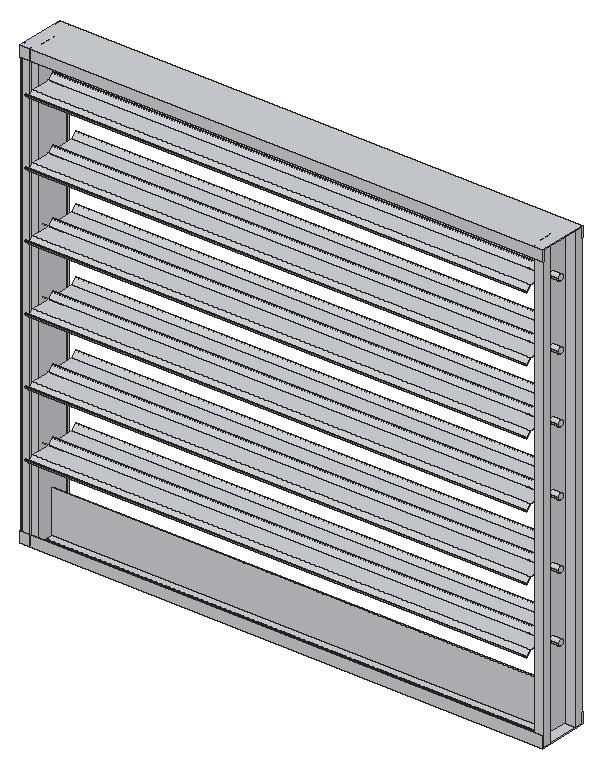
Revit family "CD-120,121", category Mechanical Equipment, Revit 2015
Parameters
  URL = "http://unitedenertech.com/catalog/pdf/A_6,%207,%208%20CD-120,%20121.pdf"
  Type Comments = "Max. Single Section Size is (48\"w x 60\"h)"
  Model = "CD-120, CD-121"
  Manufacturer = "United Enertech Corporation"
  Keynote = "This model is only a representation of the product, blade position will vary from built dampers"
  Exact Width = 4' - 0"
  Exact Height = 3' - 5"
  Description = "Opposed Blade / Parallel Blade Heavy Duty Steel Blade Control Damper"
  Blade Spacing = 0' - 6"
  Blade Number [instance] = rounddown((Exact Height - 0' 2") / Blade Spacing)  # 6
  BW [instance] = Exact Width - 0' 2 87/256"  # 3' - 9 169/256"
Reference planes (in)
  plane 1 "Center (Front/Back)": y = 0
  plane 2: z = 0
  plane 3 "Center (Left/Right)": x = 0
  plane 4: x = -24
  plane 5: x = 24
  plane 6: z = 41
  plane 7: z = 40.941
  plane 8: z = 0.059
  plane 9: x = -22.875
  plane 10: x = 22.875
  plane 11: z = 37.70431
Forms (in)
  Extrusion 1, solid
    sketch origin (65.37711, -6.23304, 0) x (1, 0, 0) y (0, 1, 0)
      loop
        line (-42.25211, 6.29204) -> (-42.25211, 6.23304) -> (-41.37711, 6.23304) -> (-41.37711, 6.92054) -> (-42.44311, 6.92054) -> (-42.44311, 9.92054) -> (-41.37711, 9.92054) -> (-41.37711, 10.60804) -> (-42.25211, 10.60804) -> (-42.25211, 10.54904) -> (-41.43611, 10.54904) -> (-41.43611, 9.97954) -> (-42.50211, 9.97954) -> (-42.50211, 6.86154) -> (-41.43611, 6.86154) -> (-41.43611, 6.29204) -> (-42.25211, 6.29204)
    from 0.059 to 40.941
  Extrusion 2, solid
    sketch origin (-65.37711, -6.23304, 0) x (-1, 0, 0) y (0, -1, 0)
      loop
        line (-42.25211, -6.29204) -> (-41.43611, -6.29204) -> (-41.43611, -6.86154) -> (-42.50211, -6.86154) -> (-42.50211, -9.97954) -> (-41.43611, -9.97954) -> (-41.43611, -10.54904) -> (-42.25211, -10.54904) -> (-42.25211, -10.60804) -> (-41.37711, -10.60804) -> (-41.37711, -9.92054) -> (-42.44311, -9.92054) -> (-42.44311, -6.92054) -> (-41.37711, -6.92054) -> (-41.37711, -6.23304) -> (-42.25211, -6.23304) -> (-42.25211, -6.29204)
    from 0.059 to 40.941
  Extrusion 3, solid
    sketch origin (-34.07853, 48.53344, 24.54726) x (0, 1, 0) y (0, 0, 1)
      loop
        line (-48.54044, 15.45274) -> (-48.54044, 16.39374) -> (-44.15844, 16.39374) -> (-44.15844, 15.45274) -> (-44.09944, 15.45274) -> (-44.09944, 16.45274) -> (-48.59944, 16.45274) -> (-48.59944, 15.45274) -> (-48.54044, 15.45274)
    from 10.07853 to 58.07853
  Extrusion 4, solid
    sketch origin (-18.12975, 48.53344, 11.45274) x (0, 1, 0) y (0, 0, -1)
      loop
        line (-48.54044, 10.45274) -> (-48.54044, 11.39374) -> (-44.15844, 11.39374) -> (-44.15844, 10.45274) -> (-44.09944, 10.45274) -> (-44.09944, 11.45274) -> (-48.59944, 11.45274) -> (-48.59944, 10.45274) -> (-48.54044, 10.45274)
    from -42.12975 to 5.87025
  Extrusion 5, solid
    sketch origin (-34.20355, -45.67523, 40.03721) x (0, -1, 0) y (0, 0, -1)
      loop
        line (-47.94373, -0.40379) -> (-47.94373, -0.90379) -> (-47.19373, -0.90379) -> (-47.19373, -0.82279) -> (-47.86273, -0.82279) -> (-47.86273, -0.40379) -> (-47.94373, -0.40379)
    from 11.32855 to 57.07855
  Extrusion 6, solid
    sketch origin (0, 12.86608, -17.35257) x (0, 1, 0) y (0, 0, 1)
      loop
        line (-10.68208, 21.41157) -> (-10.7602, 21.41157) -> (-10.7602, 17.48969) -> (-11.43208, 17.48969) -> (-11.43208, 17.41157) -> (-10.68208, 17.41157) -> (-10.68208, 21.41157)
    from -22.875 to 22.875
Dimensions and locks (in)
  equal spacing: plane 4, plane 3 "Center (Left/Right)", plane 5
  "Exact Width": plane 4 to plane 5
  "Exact Height": plane 6 to level
  locked: plane 6 to plane 7 at 0.059
  locked: plane 8 to level at 0.059
  locked: plane 4 to plane 9 at 1.125
  locked: plane 10 to plane 5 at 1.125
  locked: plane 6 to plane 11 at 3.29569
  equal spacing: group 1, group 2, group 3, group 4, group 5, group 6  (x2)
  equal spacing: group 6, group 5, group 4, group 3, group 2, group 1
  "Blade Spacing": nested 1 to nested 2
  aligned and locked: level to plane 2
  aligned and locked: plane 6 to Extrusion 3
  aligned and locked: plane 7 to Extrusion 1
  aligned and locked: plane 7 to Extrusion 2
  aligned and locked: plane 5 to Extrusion 3
  aligned and locked: plane 4 to Extrusion 3
  aligned and locked: Extrusion 2 to plane 8
  aligned and locked: Extrusion 1 to plane 8
  aligned and locked: plane 5 to Extrusion 4
  aligned and locked: plane 4 to Extrusion 4
  aligned and locked: Extrusion 5 to Extrusion 3
  aligned and locked: plane 10 to Extrusion 5
  aligned and locked: Extrusion 5 to plane 9
  aligned and locked: plane 11 to nested 1
  aligned and locked: plane 10 to Extrusion 6
  aligned and locked: Extrusion 6 to plane 9
Automatic sketch dimensions
  plane 1 "Center (Front/Back)" to Extrusion 1 sketch curve = 0' - 0"
  Extrusion 1 sketch curve to plane 5 = 0' - 0"  (x2)
  Extrusion 1 sketch curve to plane 5 = 0' - 0.059"  (x2)
  Extrusion 1 sketch curve to Extrusion 1 sketch curve = 0' - 0.816"  (x2)
  Extrusion 1 sketch curve to plane 1 "Center (Front/Back)" = 0' - 0.059"
  Extrusion 1 sketch curve to Extrusion 1 sketch curve = 0' - 0.191"
  Extrusion 1 sketch curve to Extrusion 1 sketch curve = 0' - 0.059"  (x4)
  Extrusion 1 sketch curve to Extrusion 1 sketch curve = 0' - 0.5695"  (x2)
  Extrusion 1 sketch curve to Extrusion 1 sketch curve = 0' - 3"
  plane 1 "Center (Front/Back)" to Extrusion 2 sketch curve = 0' - 0"
  Extrusion 2 sketch curve to plane 4 = 0' - 0"  (x2)
  plane 4 to Extrusion 2 sketch curve = 0' - 0.059"  (x2)
  Extrusion 2 sketch curve to Extrusion 2 sketch curve = 0' - 0.816"  (x2)
  plane 1 "Center (Front/Back)" to Extrusion 2 sketch curve = 0' - 0.059"
  Extrusion 2 sketch curve to Extrusion 2 sketch curve = 0' - 0.191"
  Extrusion 2 sketch curve to Extrusion 2 sketch curve = 0' - 0.059"  (x4)
  Extrusion 2 sketch curve to Extrusion 2 sketch curve = 0' - 0.5695"  (x2)
  Extrusion 2 sketch curve to Extrusion 2 sketch curve = 0' - 3"
  Extrusion 3 sketch curve to plane 6 = 0' - 0"
  Extrusion 3 sketch curve to plane 7 = 0' - 0"
  plane 1 "Center (Front/Back)" to Extrusion 3 sketch curve = 0' - 0.066"
  plane 1 "Center (Front/Back)" to Extrusion 3 sketch curve = 0' - 0.007"
  Extrusion 3 sketch curve to plane 1 "Center (Front/Back)" = 0' - 4 3/8"
  Extrusion 3 sketch curve to Extrusion 3 sketch curve = 0' - 0.059"
  Extrusion 3 sketch curve to plane 7 = 0' - 0.941"  (x2)
  Extrusion 4 sketch curve to level = 0' - 0"
  Extrusion 4 sketch curve to plane 8 = 0' - 0"
  plane 1 "Center (Front/Back)" to Extrusion 4 sketch curve = 0' - 0.066"
  plane 1 "Center (Front/Back)" to Extrusion 4 sketch curve = 0' - 0.007"
  plane 8 to Extrusion 4 sketch curve = 0' - 0.941"  (x2)
  Extrusion 4 sketch curve to plane 1 "Center (Front/Back)" = 0' - 4 3/8"
  Extrusion 4 sketch curve to Extrusion 4 sketch curve = 0' - 0.059"
  Extrusion 5 sketch curve to plane 1 "Center (Front/Back)" = 0' - 2.2685"
  Extrusion 5 sketch curve to Extrusion 5 sketch curve = 0' - 0.081"  (x2)
  Extrusion 5 sketch curve to Extrusion 5 sketch curve = 0' - 0.669"
  plane 8 to Extrusion 5 sketch curve = 3' - 4.882"
  Extrusion 5 sketch curve to Extrusion 5 sketch curve = 0' - 0.419"
  Extrusion 6 sketch curve to plane 1 "Center (Front/Back)" = 0' - 1.434"
  Extrusion 6 sketch curve to Extrusion 6 sketch curve = 0' - 0 43/64"
  Extrusion 6 sketch curve to Extrusion 6 sketch curve = 0' - 0 5/64"  (x2)
  Extrusion 6 sketch curve to plane 8 = 0' - 0"
  Extrusion 6 sketch curve to Extrusion 6 sketch curve = 0' - 3 59/64"
Nested families (in)
  nested 1: "120Blade" at (0, -4.88827, 31.67431), type "120Blade"
    with Blade Width 3' - 9 169/256"
  nested 2: "120Blade" at (0, -4.88827, 25.67431), type "120Blade"
    with Blade Width 3' - 9 169/256"
  nested 3: "120Blade" at (0, -4.88827, 19.67431), type "120Blade"
    with Blade Width 3' - 9 169/256"
  nested 4: "120Blade" at (0, -4.88827, 13.67431), type "120Blade"
    with Blade Width 3' - 9 169/256"
  nested 5: "120Blade" at (0, -4.88827, 7.67431), type "120Blade"
    with Blade Width 3' - 9 169/256"
  nested 6: "120Blade" at (0, -4.88827, 1.67431), type "120Blade"
    with Blade Width 3' - 9 169/256"
Definition of nested family "120Blade"
  Parameters (values of type "120Blade")
    Blade Width = 3' - 0"
  Reference planes (in)
    plane 1 "Center (Front/Back)": y = 0
    plane 2: z = 0
    plane 3 "Center (Left/Right)": x = 0
    plane 4: x = -18
    plane 5: x = 18
    plane 6: x = 19
    plane 7: x = 16
    plane 8: x = -16
    plane 9: x = -19
  Forms (in)
    Extrusion 1, solid
      sketch origin (-6.96089, 46.73355, -3.10378) x (0, 1, 0) y (0, 0, 1)
        loop
          circle (-39.65778, 9.07307) r 0.25
      from 22.96089 to 25.96089
    Extrusion 2, solid
      sketch origin (-35.96089, 46.73355, -3.10378) x (0, 1, 0) y (0, 0, 1)
        loop
          circle (-39.65778, 9.07307) r 0.25
      from 16.96089 to 19.96089
    Extrusion 3, solid
      sketch origin (-6.96089, 46.73355, 15.10378) x (0, 1, 0) y (0, 0, 1)
        loop
          line (-42.74036, -9.10161) -> (-42.78278, -9.14403) -> (-42.33868, -9.58813) -> (-41.88433, -9.13378) -> (-40.08728, -9.13378) -> (-39.65778, -8.70429) -> (-39.22829, -9.13378) -> (-37.40638, -9.13378) -> (-36.97688, -8.70429) -> (-36.57521, -9.10596) -> (-36.53278, -9.06353) -> (-36.97688, -8.61943) -> (-37.43123, -9.07378) -> (-39.20343, -9.07378) -> (-39.65778, -8.61943) -> (-40.11213, -9.07378) -> (-41.90919, -9.07378) -> (-42.33868, -9.50328) -> (-42.74036, -9.10161)
      from -11.03911 to 24.96089
  Dimensions and locks (in)
    equal spacing: plane 4, plane 3 "Center (Left/Right)", plane 5
    "Blade Width": plane 4 to plane 5
    locked: plane 7 to plane 5 at 2
    locked: plane 5 to plane 6 at 1
    locked: plane 4 to plane 8 at 2
    locked: plane 9 to plane 4 at 1
    aligned and locked: level to plane 2
    aligned and locked: Extrusion 1 to plane 6
    aligned and locked: plane 7 to Extrusion 1
    aligned and locked: plane 9 to Extrusion 2
    aligned and locked: Extrusion 2 to plane 8
    aligned and locked: plane 4 to Extrusion 3
    aligned and locked: plane 5 to Extrusion 3
  Automatic sketch dimensions
    Extrusion 1 sketch curve to plane 1 "Center (Front/Back)" = 0' - 7.07577"
    level to Extrusion 1 sketch curve = 0' - 5.96928"
    Extrusion 2 sketch curve to plane 1 "Center (Front/Back)" = 0' - 7.07577"
    level to Extrusion 2 sketch curve = 0' - 5.96928"
    Extrusion 3 sketch curve to plane 1 "Center (Front/Back)" = 0' - 3.95077"
    Extrusion 3 sketch curve to Extrusion 3 sketch curve = 0' - 0.04243"
    Extrusion 3 sketch curve to Extrusion 3 sketch curve = 0' - 0.4441"
    Extrusion 3 sketch curve to Extrusion 3 sketch curve = 0' - 0"  (x3)
    Extrusion 3 sketch curve to Extrusion 3 sketch curve = 0' - 0.4295"  (x2)
    Extrusion 3 sketch curve to Extrusion 3 sketch curve = 0' - 0.02485"  (x4)
    Extrusion 3 sketch curve to Extrusion 3 sketch curve = 0' - 1.7722"  (x2)
    Extrusion 3 sketch curve to Extrusion 3 sketch curve = 0' - 0.45435"  (x2)
    level to Extrusion 3 sketch curve = 0' - 6.48435"
    level to Extrusion 3 sketch curve = 0' - 5.99782"
    Extrusion 3 sketch curve to Extrusion 3 sketch curve = 0' - 0.40167"
    level to Extrusion 3 sketch curve = 0' - 6.04025"
    Extrusion 3 sketch curve to Extrusion 3 sketch curve = 0' - 0.01025"
    Extrusion 3 sketch curve to Extrusion 3 sketch curve = 0' - 0.35925"
    radius of Extrusion 1 sketch curve = 0' - 0 1/4"
    radius of Extrusion 2 sketch curve = 0' - 0 1/4"
